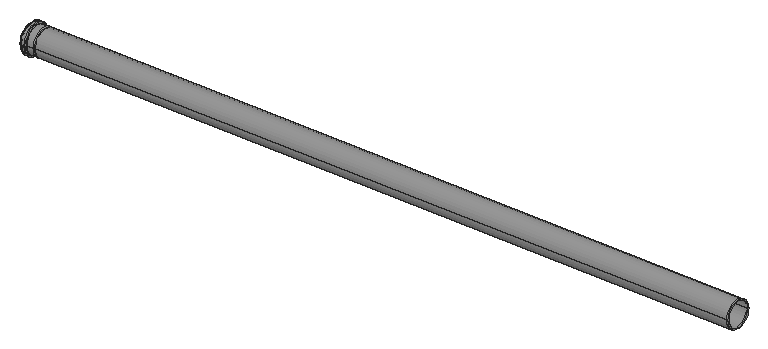
Revit family "PF_ACO PIPE D110X3000 PC 98546", category Pipe Fittings, Revit 2015
Parameters (values of type "ACO PIPE D110x3000 PC 98546")
  URL for TCP = "http://www.tcpbim.co.za"
  URL = "http://www.acobuildingdrainage.co.za"
  Type Comments = ""
  Model = "98546"
  Manufacturer = "ACO"
  Made by = "Tolani Civil Projects cc"
  Description = "PIPE D110x3000"
Reference planes
  plane 1 "Center (Front/Back)": y = 0
  plane 2: z = 0
  plane 3 "Center (Left/Right)": x = 0
  plane 4: x = 3000
  plane 5: x = -57
Forms (mm)
  Revolve 1, solid, material "Stainless Steel, Polished"
    sketch origin (5.391, 0, 0) x (1, 0, 0) y (0, 1, 0)
      loop
        line (-61.796, -56.5) -> (-58.897, -56.5)
        arc (-58.897, -56.5) -> (-57.749, -56.862) -> (-57.017, -57.816) r 2
        line (-57.017, -57.816) -> (-56.031, -60.526)
        arc (-56.031, -60.526) -> (-54.932, -61.957) -> (-53.212, -62.5) r 3
        line (-53.212, -62.5) -> (-40.38, -62.5)
        arc (-40.38, -62.5) -> (-38.659, -61.957) -> (-37.561, -60.526) r 3
        line (-37.561, -60.526) -> (-36.575, -57.816)
        arc (-36.575, -57.816) -> (-35.842, -56.862) -> (-34.695, -56.5) r 2
        line (-34.695, -56.5) -> (-5.394, -56.5) -> (0.204, -55) -> (2989.608, -55) -> (2994.608, -54) -> (2994.608, -52.98) -> (2989.411, -54) -> (0, -54) -> (0, -51.038) -> (-5.526, -51.038) -> (-5.526, -55.5) -> (-34.695, -55.5)
        arc (-34.695, -55.5) -> (-36.416, -56.043) -> (-37.514, -57.474) r 3
        line (-37.514, -57.474) -> (-38.501, -60.184)
        arc (-38.501, -60.184) -> (-39.233, -61.138) -> (-40.38, -61.5) r 2
        line (-40.38, -61.5) -> (-53.212, -61.5)
        arc (-53.212, -61.5) -> (-54.359, -61.138) -> (-55.091, -60.184) r 2
        line (-55.091, -60.184) -> (-56.077, -57.474)
        arc (-56.077, -57.474) -> (-57.176, -56.043) -> (-58.897, -55.5) r 3
        line (-58.897, -55.5) -> (-61.796, -55.5) -> (-61.796, -56.5)
      axis (2994.608, 0) -> (-61.796, 0)
    angle from 0 to 360
Dimensions and locks
  plane 5 to plane 4 = 3057 mm
  plane 3 "Center (Left/Right)" to plane 4 = 3000 mm
  aligned and locked: level to plane 2
Connectors
  piping at (-0.135, 0, 0), diameter 110
    settings: on Revolve 1, index 1, connector inside diameter 609.6 mm, connector length 0 mm, flow factor 0, pipe flow 0.0 L/s, pressure drop 0.0 Pa, fitting loss kfactor 0, connector angle 0.00°, fixture units 0, engagement length 0 mm, angle of deflection 0.00°, flow configuration 0, flow direction 0, fitting loss method 0, system type 22, joint type 0, gender type 0, connector reference index 2, connector utility 0, adjustable connector no, is connector primary yes, connector description ""
  piping at (2999.998, 0, 0), diameter 110
    settings: on Revolve 1, index 2, connector inside diameter 609.6 mm, connector length 0 mm, flow factor 0, pipe flow 0.0 L/s, pressure drop 0.0 Pa, fitting loss kfactor 0, connector angle 0.00°, fixture units 0, engagement length 0 mm, angle of deflection 0.00°, flow configuration 0, flow direction 0, fitting loss method 0, system type 22, joint type 0, gender type 0, connector reference index 1, connector utility 0, adjustable connector no, is connector primary no, connector description ""
